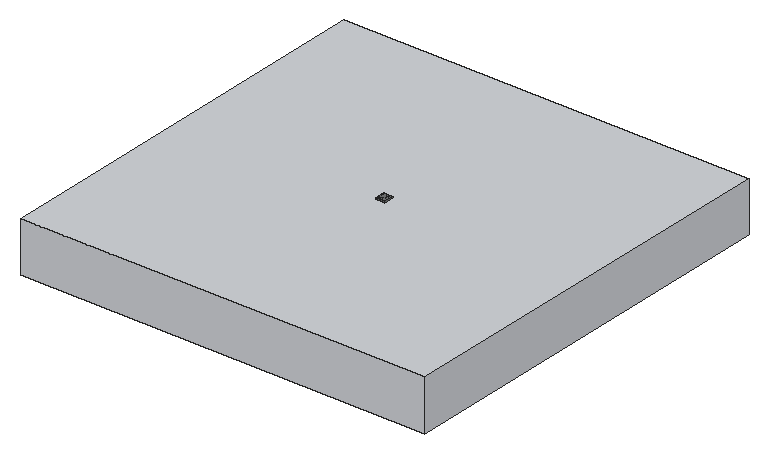
Revit family "Gira_027403", category Elektroinstallationen, Revit 2017
Family settings
  Basisbauteil = Fläche
  Beschriftungsausrichtung beibehalten = Nein
  Bemaßung runder Anschluss = Durchmesser verwenden
  Teiletyp = Normal
  Beim Laden mit Abzugskörper schneiden = Nein
  Gemeinsam genutzt = Nein
  Raumberechnungspunkt = Nein
Parameters
  With strain relief = no
  With imprint = no
  With hinged lid = no
  With dust cover = no
  Utilization = "Other"
  URL = "https://www.gira.de/"
  Typname = "Cov. cab.branch CBO System 55 p.white"
  Type of fastening = "Mounting with screw"
  Transparent = no
  Surface protection = "Other"
  Surface finishing = "Glossy"
  Support ring = no
  Suitable for degree of protection (IP) = "IP20"
  RAL-number (akin) = 9010
  Productwebsite = "http://katalog.gira.de/en/datenblatt.html?artikelnr=027403"
  Mounting method = "Flush mounted (plaster)"
  Material quality = "Thermoplastic"
  Material = "Plastic"
  Luster terminal = no
  Imprintable label = "Without indication field"
  Hersteller = "Gira"
  Halogen free = yes
  HAN = "027403"
  GTIN = "4010337274032"
  Data sheet = "https://katalog.gira.de/en/download.html?artikelnr=027403"
  Colour = "White"
  Beschreibung = "Cov.cab.branch CBO Sys55 PW,Cover for cable branch and telecommunications connector socket,,pure white glossy,Notes :,- Fits all common telecommunications connector sockets."
  Bauelement = "Sys55_Abdeckung_Schalten und Tasten"
  Default Elevation = 1219.2 mm
  BIM = "https://media.stage.bim.site/public/gira/ad86d9f/Sys55_Abdeckung_Schalten%20und%20Tasten.rfa?public/gira/ad86d9f/Sys55_Abdeckung_Schalten und Tasten.rfa"
  Assembly arrangement = "Central cover plate"
  Anthrazit [instance] = Anthrazit
Reference planes
  plane 1 "Center (Front/Back)": y = 0
  plane 2: z = 0
  plane 3 "Center (Left/Right)": x = 0
Forms (mm)
  Extrusion 1, solid
    sketch origin (0, 0, 0) x (1, 0, 0) y (0, 1, 0)
      loop
        line (-1219.2, 1219.2) -> (-1219.2, -1219.2) -> (1219.2, -1219.2) -> (1219.2, 1219.2) -> (-1219.2, 1219.2)
    from 0 to -304.8
  Extrusion 2, solid, material "Anthrazit" <- "Anthrazit", detail levels fine
    sketch origin (0, 0, 0) x (1, 0, 0) y (0, 1, 0)
      loop
        line (-27.5, 27.5) -> (-27.5, -27.5) -> (27.5, -27.5) -> (27.5, 27.5) -> (-27.5, 27.5)
    from 0 to 8
  Extrusion 3, void
    sketch origin (0, 0, 0) x (1, 0, 0) y (0, 1, 0)
      loop
        line (26, 26) -> (-26, 26) -> (-26, -26) -> (26, -26) -> (26, 26)
    from 0 to 6
  Extrusion 4, solid, material "Anthrazit" <- "Anthrazit", detail levels medium
    sketch origin (0, 0, 0) x (1, 0, 0) y (0, 1, 0)
      loop
        line (-27.5, 27.5) -> (-27.5, -27.5) -> (27.5, -27.5) -> (27.5, 27.5) -> (-27.5, 27.5)
    from 0 to 8
  Extrusion 5, solid, material "Anthrazit" <- "Anthrazit", detail levels medium
    sketch origin (0, 0, 0) x (1, 0, 0) y (0, 1, 0)
      loop
        line (11, -17.5) -> (11, 17.5) -> (-11, 17.5) -> (-11, -17.5) -> (11, -17.5)
    from -6 to 6
  Extrusion 6, solid, material "Anthrazit" <- "Anthrazit", detail levels fine
    sketch origin (0, 0, 0) x (1, 0, 0) y (0, 1, 0)
      loop
        line (11, 17.5) -> (-11, 17.5) -> (-11, 16.5) -> (11, 16.5) -> (11, 17.5)
      loop
        line (-11, -16.5) -> (-11, -17.5) -> (11, -17.5) -> (11, -16.5) -> (-11, -16.5)
    from -4 to 6
  Extrusion 7, solid, material "Anthrazit" <- "Anthrazit", detail levels fine
    sketch origin (0, 0, 0) x (1, 0, 0) y (0, 1, 0)
      loop
        arc (5, 9.347) -> (0, 10.6) -> (-5, 9.347) r 10.6
        line (-5, 9.347) -> (-5, -9.347)
        arc (-5, -9.347) -> (0, -10.6) -> (5, -9.347) r 10.6
        line (5, -9.347) -> (5, 9.347)
    from -6 to 6
  Extrusion 8, solid, material "Anthrazit" <- "Anthrazit", detail levels coarse
    sketch origin (0, 0, 0) x (1, 0, 0) y (0, 1, 0)
      loop
        line (-27.5, 27.5) -> (-27.5, -27.5) -> (27.5, -27.5) -> (27.5, 27.5) -> (-27.5, 27.5)
    from -6 to 8
Cuts and joins
  Extrusion 3 cuts Extrusion 2
Dimensions and locks
  aligned and locked: plane 2 to Extrusion 1
  aligned and locked: level to Extrusion 1
